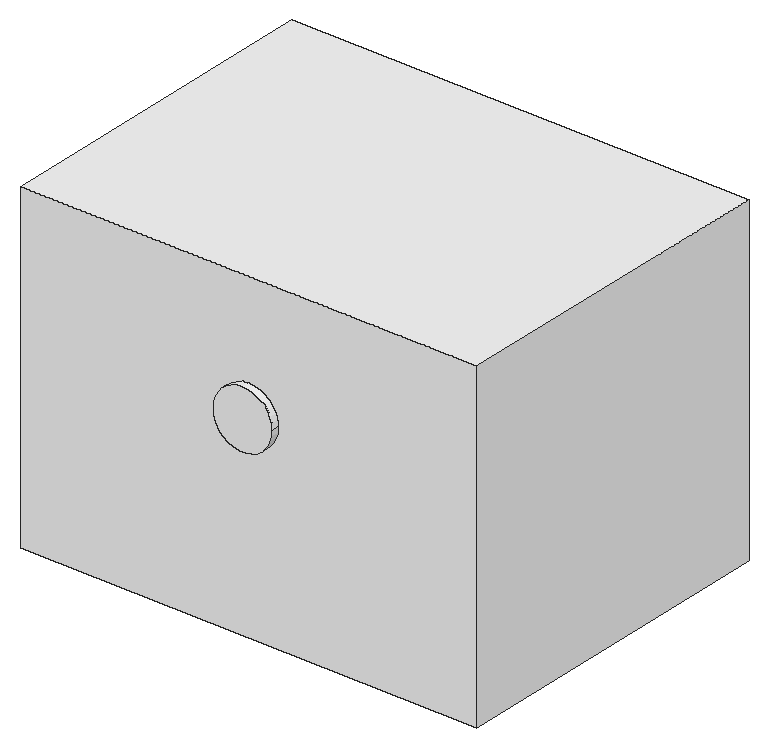
Revit family "Plumbing Fixture-Grease_Interseptor_Mifab_MI-SOLID-SA", category Plumbing Fixtures, host Face, Revit 2013
Parameters
  WFU = 0
  URL = "www.mifab.com"
  Model = "MI-SOLID-SA"
  Manufacturer = "MIFAB"
  Interceptor Material = Stainless Steel
  Grease Capacity = "22 lbs"
  Flow Rate = "35 GPM"
  Description = "Side Access Solids Interceptor"
  Default Elevation = 0"
  Assembly Code = "D2090300"
Reference planes (in)
  plane 1 "Center (Front/Back)": y = 0
  plane 2: z = 0
  plane 3 "Center (Left/Right)": x = 0
  plane 4: x = -7.75
  plane 5: y = -5.75
  plane 6: y = 5.75
  plane 7: x = 7.75
  plane 8: z = -4.25
  plane 9: z = -11
  plane 10: z = -0.1345
  plane 11: y = 6
  plane 12: y = -6
Forms (in)
  Extrusion 1, solid, material "Stainless Steel" <- "Interceptor Material"
    sketch origin (0, 0, 0) x (1, 0, 0) y (0, 1, 0)
      loop
        line (-7.75, 5.75) -> (-7.75, -5.75) -> (7.75, -5.75) -> (7.75, 5.75) -> (-7.75, 5.75)
    from 0 to -11
  Extrusion 2, solid, material "Stainless Steel" <- "Interceptor Material"
    sketch origin (0, 0, 0) x (1, 0, 0) y (0, 0, 1)
      loop
        circle (0, -4.25) r 1
    from -6 to 6
Cuts and joins
  joined: Extrusion 1, Extrusion 2
Lines and regions (in)
  symbolic lines
    curve 1: line (-7.75, 6, 0) -> (7.75, 6, 0)
    curve 2: line (-7.75, -6, 0) -> (-7.75, 6, 0)
    curve 3: line (7.75, -6, 0) -> (-7.75, -6, 0)
    curve 4: line (7.75, 6, 0) -> (7.75, -6, 0)
Dimensions and locks (in)
  equal spacing: plane 4, plane 3 "Center (Left/Right)", plane 7
  equal spacing: plane 6, plane 1 "Center (Front/Back)", plane 5
  locked: host face to plane 10 at 0.1345
  host face to plane 9 = 11"
  plane 6 to plane 5 = 11 1/2"
  plane 4 to plane 7 = 15 1/2"
  plane 11 to plane 6 = 1/4"
  plane 5 to plane 12 = 1/4"
  locked: Extrusion 2 sketch curve to Extrusion 2 sketch curve (diameter 2")
  aligned and locked: plane 2 to host face
  aligned and locked: level to host face
  aligned and locked: Extrusion 1 to plane 9
  aligned and locked: Extrusion 1 sketch curve to plane 7
  aligned and locked: plane 4 to Extrusion 1 sketch curve
  aligned and locked: plane 11 to Extrusion 2
  aligned and locked: Extrusion 2 to plane 12
  aligned and locked: Extrusion 1 sketch curve to plane 6
  aligned and locked: plane 5 to Extrusion 1 sketch curve
  aligned and locked: curve 1 to plane 11
  aligned and locked: plane 4 to curve 2
  aligned and locked: plane 12 to curve 3
  aligned and locked: curve 4 to plane 7
Automatic sketch dimensions
  host sketch curve to host sketch curve = 34.23917"
  host sketch curve to host sketch curve = 27.72618"
  Extrusion 2 sketch curve to plane 3 "Center (Left/Right)" = 0"
  Extrusion 2 sketch curve to plane 8 = 0"
Connectors (in)
  piping at (0, 6, -4.25)
    settings: on cut or joined group of Extrusion 1, Extrusion 2, index 1, connector radius 1", flow factor 0, pipe flow 0 GPM, pressure drop 0.00 psi, fitting loss kfactor 0, connector angle 0.00°, fixture units 0, engagement length 0", flow configuration 0, flow direction 1, fitting loss method 0, system type 16, joint type 0, gender type 0, connector reference index -1, connector utility 0, adjustable connector no, is connector primary yes, fitting loss table "", connector description "In"
  piping at (0, -6, -4.25)
    settings: on cut or joined group of Extrusion 1, Extrusion 2, index 2, connector radius 1", flow factor 0, pipe flow 0 GPM, pressure drop 0.00 psi, fitting loss kfactor 0, connector angle 0.00°, fixture units 0, engagement length 0", flow configuration 0, flow direction 2, fitting loss method 0, system type 16, joint type 0, gender type 0, connector reference index -1, connector utility 0, adjustable connector no, is connector primary no, fitting loss table "", connector description "Out"
